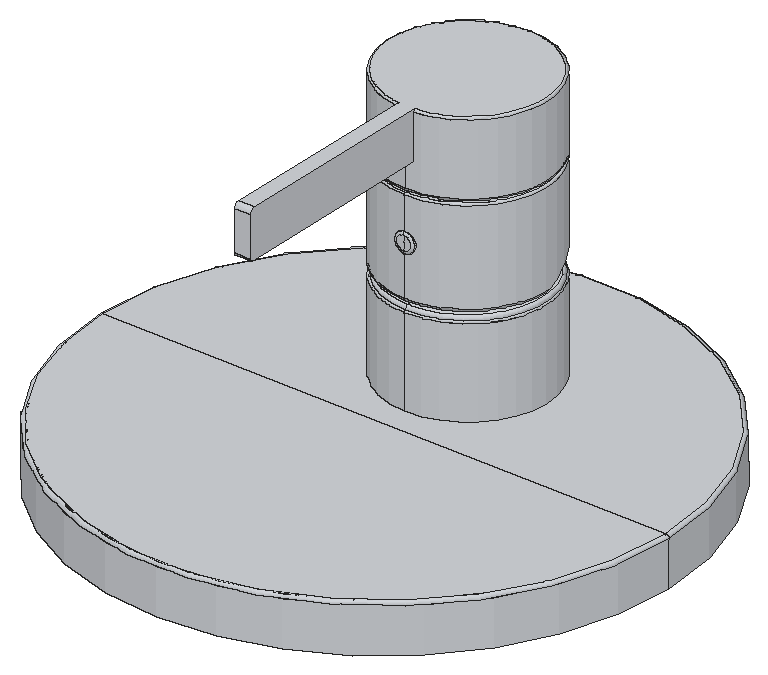
Revit family "Shower-Valve_Trim-KOHLER-STILLNESS-K-7359IN", category Specialty Equipment, host Face, Revit 2017
Family settings
  Host = Face
  Round Connector Dimension = Use Diameter
  Part Type = Normal
  OmniClass Number = 23.31.25.00
  OmniClass Title = Toilet and Bath Specialties
  Cut with Voids When Loaded = No
  Shared = No
  Room Calculation Point = No
Parameters (values of type "CP- Polished chrome")
  Width = 6 31/32"  # constant formula
  WaterSense Certified = 1 = 0  # no
  URL = "https://www.kohler.co.in/"
  Type = 1
  Product Page URL = "https://www.kohler.co.in/product-detail/7359in-4fp?skuid=K-7359IN-4FP-CP"
  Product Name = "STILLNESS"  # constant formula
  Product Documentation Link = "http://resources.kohler.com/plumbing/kohlerindia/pdf/7359_4.pdf"
  Model = if(Type = 1, "K-7359IN-4FP-CP", "NA")  # "K-7359IN-4FP-CP"
  Material = "Metal construction"  # constant formula
  Master Format 2014 Name = "Toilet, Bath, and Laundry Accessories"  # constant formula
  Master Format 2014 = "10 28 00"  # constant formula
  Manufacturer Address = "Ambience Office Tower NH-8 Gurgaon / Gurugram Haryana , 122001\r\n"  # constant formula
  Manufacturer = "KOHLER Co."  # constant formula
  Length = 3 237/256"  # constant formula
  Height = 6 31/32"  # constant formula
  Finish = Kohler-Metal-CP-Polished_Chrome
  Environmental Product Declaration = ""
  Description = "40mm single-control shower-only trim"  # constant formula
  Default Elevation = 42"
  Declare Label = ""
  Date Modified = "10/29/2020"  # constant formula
  Date Created = "10/29/2020"  # constant formula
  Copyright = "Copyright KOHLER Co."  # constant formula
  Contact Us = "https://www.kohler.co.in/contact-us"
  Assembly Code = "C1030200"
  ADA Compliant = 1 = 0  # no
Reference planes (in)
  plane 1 "Center (Front/Back)": y = 0
  plane 2: z = 0
  plane 3 "Center (Left/Right)": x = 0
  plane 4: y = 1.27952
  plane 5: y = -2.16536
  plane 6: y = 0.31496
  plane 7: y = 2.24409
  plane 8: x = -0.96457
  plane 9: x = 0.96457
  plane 10: z = 3.92578
  plane 11: y = 3.48425
  plane 12: y = -3.4845
  plane 13: x = -3.48425
  plane 14: x = 3.4845
Dimensions and locks (in)
  locked: plane 6 to plane 7 at 1.92913
  locked: plane 8 to plane 9 at 1.92913
  locked: plane 4 to plane 5 at 3.44488
  locked: plane 7 to plane 5 at 4.40945
  "Width": plane 13 to plane 14
  "Height": plane 11 to plane 12
  "Length": level to plane 10
  aligned and locked: plane 2 to host face
  aligned and locked: level to host face
  aligned and locked: plane 1 "Center (Front/Back)" to nested 1
  aligned and locked: plane 3 "Center (Left/Right)" to nested 1
  aligned and locked: plane 4 to nested 1
  aligned and locked: plane 5 to nested 1
  aligned and locked: plane 6 to nested 1
  aligned and locked: plane 7 to nested 1
  aligned and locked: plane 8 to nested 1
  aligned and locked: plane 9 to nested 1
  aligned and locked: plane 10 to nested 1
  aligned and locked: plane 11 to nested 1
  aligned and locked: plane 12 to nested 1
  aligned and locked: plane 13 to nested 1
  aligned and locked: plane 14 to nested 1
Automatic sketch dimensions
  host sketch curve to host sketch curve = 96"  (x2)
Nested families (in)
  nested 1: "K-7359IN" at (0, 0, 0.00058), type "K-7359IN"
Definition of nested family "K-7359IN"
  Parameters (values of type "K-7359IN")
    Material = none
  Reference planes (in)
    plane 1 "Center (Front/Back)": y = 0
    plane 2: z = 0
    plane 3 "Center (Left/Right)": x = 0
    plane 4: x = 3.48425
    plane 5: y = 3.48425
    plane 6: y = 1.27952
    plane 7: z = 3.9252
    plane 8: y = -2.16536
    plane 9: y = 0.31496
    plane 10: y = 2.24409
    plane 11: x = -0.96457
    plane 12: x = 0.96457
    plane 13: x = -3.48425
    plane 14: y = -3.48425
  Forms (in)
    Revolve 1, solid, material <- "Material", detail levels medium+fine
      sketch origin (0, 0, 0) x (0, 1, 0) y (0, 0, 1)
        loop
          arc (2.24409, 1.66909) -> (2.23827, 1.68315) -> (2.2242, 1.68898) r 0.01988
          arc (2.2242, 1.68898) -> (2.21792, 1.71891) -> (2.19319, 1.7369) r 0.04258
          line (2.19319, 1.7369) -> (2.14534, 1.74972)
          arc (2.14534, 1.74972) -> (2.10384, 1.77683) -> (2.08645, 1.82323) r 0.07954
          arc (2.08645, 1.82323) -> (2.03229, 2.05704) -> (1.8969, 2.25522) r 0.64943
          line (1.8969, 2.25522) -> (1.27952, 2.25522) -> (1.27952, 0.55291) -> (2.24409, 0.55291) -> (2.24409, 1.66909)
        axis (1.27952, 2.25522) -> (1.27952, 0.55291)
      angle from 0 to 360
    Revolve 2, solid, material <- "Material", detail levels medium+fine
      sketch origin (0, 0, 0) x (0, 1, 0) y (0, 0, 1)
        loop
          line (2.16545, 2.97984) -> (2.16545, 3.01134) -> (2.22047, 3.01134)
          arc (2.22047, 3.01134) -> (2.23717, 3.01826) -> (2.24409, 3.03496) r 0.02362
          line (2.24409, 3.03496) -> (2.24409, 3.9016)
          arc (2.24409, 3.9016) -> (2.23718, 3.91828) -> (2.22049, 3.9252) r 0.0236
          line (2.22049, 3.9252) -> (1.27952, 3.9252) -> (1.27952, 3.01134) -> (1.27952, 1.79468) -> (2.21259, 1.79468)
          arc (2.21259, 1.79468) -> (2.23486, 1.8039) -> (2.24409, 1.82617) r 0.0315
          line (2.24409, 1.82617) -> (2.24409, 2.95819)
          arc (2.24409, 2.95819) -> (2.23775, 2.9735) -> (2.22244, 2.97984) r 0.02165
          line (2.22244, 2.97984) -> (2.16545, 2.97984)
        axis (1.27952, 3.9252) -> (1.27952, 1.79468)
      angle from 0 to 360
    Extrusion 3, void
      sketch origin (0, 0, 0) x (0, 1, 0) y (0, 0, 1)
        loop
          line (1.21325, 1.76865) -> (2.26747, 1.76865) -> (2.26747, 2.20906) -> (1.21325, 1.76865)
      from -1.9685 to 1.9685
    Extrusion 4, solid, material <- "Material", detail levels medium+fine
      sketch origin (0, 0, 0) x (0, 1, 0) y (0, 0, 1)
        loop
          arc (-2.1063, 3.9252) -> (-2.14806, 3.9079) -> (-2.16536, 3.86614) r 0.05906
          line (-2.16536, 3.86614) -> (-2.16536, 3.37763)
          arc (-2.16536, 3.37763) -> (-2.15844, 3.36093) -> (-2.14174, 3.35401) r 0.02362
          line (-2.14174, 3.35401) -> (0.59055, 3.35401) -> (0.59055, 3.9252) -> (-2.1063, 3.9252)
      from -0.09843 to 0.09843
    Revolve 5, solid, material <- "Material", detail levels medium+fine
      sketch origin (0, 0, 0) x (0, 1, 0) y (0, 0, 1)
        loop
          line (0.29707, 2.43984) -> (0.35848, 2.43984) -> (0.35848, 2.56167)
          arc (0.35848, 2.56167) -> (0.33657, 2.5676) -> (0.31493, 2.56077) r 0.04033
          arc (0.31493, 2.56077) -> (0.30181, 2.54626) -> (0.29707, 2.52728) r 0.04033
          line (0.29707, 2.52728) -> (0.29707, 2.43984)
        axis (0.29707, 2.43984) -> (0.35848, 2.43984)
      angle from 0 to 360
    Revolve 6, solid, material <- "Material", detail levels coarse
      sketch origin (0, 0, 0) x (0, 1, 0) y (0, 0, 1)
        loop
          line (2.24409, 3.9252) -> (1.27952, 3.9252) -> (1.27952, 0.52957) -> (2.24409, 0.52957) -> (2.24409, 1.66909) -> (2.12618, 1.66909) -> (2.12618, 1.82338) -> (2.24409, 1.82338) -> (2.24409, 3.9252)
        axis (1.27952, 0.52957) -> (1.27952, 3.9252)
      angle from 0 to 360
    Extrusion 7, solid, material <- "Material", detail levels coarse
      sketch origin (0, 0, 0) x (0, 1, 0) y (0, 0, 1)
        loop
          line (-2.16536, 3.9252) -> (-2.16536, 3.35401) -> (0.66025, 3.35401) -> (0.66025, 3.9252) -> (-2.16536, 3.9252)
      from -0.09843 to 0.09843
    Revolve 8, solid, material <- "Material", detail levels medium+fine
      sketch origin (0, 0, 0) x (1, 0, 0) y (0, 0, 1)
        loop
          line (0, 0.59055) -> (-3.44488, 0.59055)
          arc (-3.44488, 0.59055) -> (-3.47272, 0.57902) -> (-3.48425, 0.55118) r 0.03937
          line (-3.48425, 0.55118) -> (-3.48425, 0) -> (0, 0) -> (0, 0.59055)
        axis (0, 0.59055) -> (0, 0)
      angle from 0 to 360
    Extrusion 9, solid, material <- "Material", detail levels coarse
      sketch origin (0, 0, 0) x (1, 0, 0) y (0, 1, 0)
        loop
          circle (0, 0) r 3.48425
      from 0 to 0.59055
  Cuts and joins
    Extrusion 3 cuts Revolve 2
    joined: Revolve 1, Revolve 2, Extrusion 4, Revolve 5, Revolve 8
    joined: Revolve 6, Extrusion 7, Extrusion 9
  Lines and regions (in)
    Masking region 1
      outline origin (0, 0, 0) x (1, 0, 0) y (0, 0, 1)
        loop
          arc (0.96457, 1.66909) -> (0.95874, 1.68315) -> (0.94468, 1.68898) r 0.01988
          arc (0.94468, 1.68898) -> (0.9384, 1.71891) -> (0.91367, 1.7369) r 0.04258
          line (0.91367, 1.7369) -> (0.86582, 1.74972)
          arc (0.86582, 1.74972) -> (0.83455, 1.76624) -> (0.81353, 1.79468) r 0.07954
          line (0.81353, 1.79468) -> (0.93307, 1.79468)
          arc (0.93307, 1.79468) -> (0.95534, 1.8039) -> (0.96457, 1.82617) r 0.0315
          line (0.96457, 1.82617) -> (0.96457, 2.95819)
          arc (0.96457, 2.95819) -> (0.95822, 2.9735) -> (0.94291, 2.97984) r 0.02165
          line (0.94291, 2.97984) -> (0.88593, 2.97984) -> (0.88593, 3.01134) -> (0.94094, 3.01134)
          arc (0.94094, 3.01134) -> (0.95765, 3.01826) -> (0.96457, 3.03496) r 0.02362
          line (0.96457, 3.03496) -> (0.96457, 3.9016)
          arc (0.96457, 3.9016) -> (0.95765, 3.91828) -> (0.94097, 3.9252) r 0.0236
          line (0.94097, 3.9252) -> (0, 3.9252) -> (-0.94097, 3.9252)
          arc (-0.94097, 3.9252) -> (-0.95765, 3.91828) -> (-0.96457, 3.9016) r 0.0236
          line (-0.96457, 3.9016) -> (-0.96457, 3.03496)
          arc (-0.96457, 3.03496) -> (-0.95765, 3.01826) -> (-0.94094, 3.01134) r 0.02362
          line (-0.94094, 3.01134) -> (-0.88593, 3.01134) -> (-0.88593, 2.97984) -> (-0.94291, 2.97984)
          arc (-0.94291, 2.97984) -> (-0.95822, 2.9735) -> (-0.96457, 2.95819) r 0.02165
          line (-0.96457, 2.95819) -> (-0.96457, 1.82617)
          arc (-0.96457, 1.82617) -> (-0.95534, 1.8039) -> (-0.93307, 1.79468) r 0.0315
          line (-0.93307, 1.79468) -> (-0.81353, 1.79468)
          arc (-0.81353, 1.79468) -> (-0.83455, 1.76624) -> (-0.86582, 1.74972) r 0.07954
          line (-0.86582, 1.74972) -> (-0.91367, 1.7369)
          arc (-0.91367, 1.7369) -> (-0.9384, 1.71891) -> (-0.94468, 1.68898) r 0.04258
          arc (-0.94468, 1.68898) -> (-0.95874, 1.68315) -> (-0.96457, 1.66909) r 0.01988
          line (-0.96457, 1.66909) -> (-0.96457, 0.59055) -> (-3.44488, 0.59055)
          arc (-3.44488, 0.59055) -> (-3.47272, 0.57902) -> (-3.48425, 0.55118) r 0.03937
          line (-3.48425, 0.55118) -> (-3.48425, 0) -> (3.48425, 0) -> (3.48425, 0.55118)
          arc (3.48425, 0.55118) -> (3.47272, 0.57902) -> (3.44488, 0.59055) r 0.03937
          line (3.44488, 0.59055) -> (0.96457, 0.59055) -> (0.96457, 1.66909)
    Masking region 2
      outline origin (0, 0, 0) x (0, 1, 0) y (0, 0, 1)
        loop
          line (2.16545, 2.97984) -> (2.16545, 3.01134) -> (2.22047, 3.01134)
          arc (2.22047, 3.01134) -> (2.23717, 3.01826) -> (2.24409, 3.03496) r 0.02362
          line (2.24409, 3.03496) -> (2.24409, 3.9016)
          arc (2.24409, 3.9016) -> (2.23718, 3.91828) -> (2.22049, 3.9252) r 0.0236
          line (2.22049, 3.9252) -> (-2.1063, 3.9252)
          arc (-2.1063, 3.9252) -> (-2.14806, 3.9079) -> (-2.16536, 3.86614) r 0.05906
          line (-2.16536, 3.86614) -> (-2.16536, 3.37763)
          arc (-2.16536, 3.37763) -> (-2.15844, 3.36093) -> (-2.14174, 3.35401) r 0.02362
          line (-2.14174, 3.35401) -> (0.21653, 3.35401)
          arc (0.21653, 3.35401) -> (0.28613, 3.32518) -> (0.31496, 3.25558) r 0.09843
          line (0.31496, 3.25558) -> (0.31496, 3.03496)
          arc (0.31496, 3.03496) -> (0.32187, 3.01826) -> (0.33858, 3.01134) r 0.02362
          line (0.33858, 3.01134) -> (0.39359, 3.01134) -> (0.39359, 2.97984) -> (0.33661, 2.97984)
          arc (0.33661, 2.97984) -> (0.3213, 2.9735) -> (0.31496, 2.95819) r 0.02165
          line (0.31496, 2.95819) -> (0.31496, 2.5608)
          arc (0.31496, 2.5608) -> (0.30183, 2.54641) -> (0.29707, 2.52752) r 0.03989
          line (0.29707, 2.52752) -> (0.29707, 2.3524)
          arc (0.29707, 2.3524) -> (0.30182, 2.33341) -> (0.31496, 2.3189) r 0.04033
          line (0.31496, 2.3189) -> (0.31496, 1.82617)
          arc (0.31496, 1.82617) -> (0.32418, 1.8039) -> (0.34645, 1.79468) r 0.0315
          line (0.34645, 1.79468) -> (0.46599, 1.79468)
          arc (0.46599, 1.79468) -> (0.44497, 1.76624) -> (0.41371, 1.74972) r 0.07954
          line (0.41371, 1.74972) -> (0.36585, 1.7369)
          arc (0.36585, 1.7369) -> (0.34112, 1.71891) -> (0.33484, 1.68898) r 0.04258
          arc (0.33484, 1.68898) -> (0.32078, 1.68315) -> (0.31496, 1.66909) r 0.01988
          line (0.31496, 1.66909) -> (0.31496, 0.59055) -> (-3.44488, 0.59055)
          arc (-3.44488, 0.59055) -> (-3.47272, 0.57902) -> (-3.48425, 0.55118) r 0.03937
          line (-3.48425, 0.55118) -> (-3.48425, 0) -> (3.48425, 0) -> (3.48425, 0.55118)
          arc (3.48425, 0.55118) -> (3.47272, 0.57902) -> (3.44488, 0.59055) r 0.03937
          line (3.44488, 0.59055) -> (2.24409, 0.59055) -> (2.24409, 1.66909)
          arc (2.24409, 1.66909) -> (2.23827, 1.68315) -> (2.2242, 1.68898) r 0.01988
          arc (2.2242, 1.68898) -> (2.21792, 1.71891) -> (2.19319, 1.7369) r 0.04258
          line (2.19319, 1.7369) -> (2.14534, 1.74972)
          arc (2.14534, 1.74972) -> (2.10284, 1.7781) -> (2.08638, 1.82647) r 0.07954
          arc (2.08638, 1.82647) -> (2.06686, 1.96917) -> (2.01, 2.1015) r 0.53537
          line (2.01, 2.1015) -> (2.22473, 2.1912)
          arc (2.22473, 2.1912) -> (2.23881, 2.20281) -> (2.24409, 2.22026) r 0.0315
          line (2.24409, 2.22026) -> (2.24409, 2.95819)
          arc (2.24409, 2.95819) -> (2.23775, 2.9735) -> (2.22244, 2.97984) r 0.02165
          line (2.22244, 2.97984) -> (2.16545, 2.97984)
    Masking region 3
      outline origin (0, 0, 0) x (1, 0, 0) y (0, 1, 0)
        loop
          circle (0, 0) r 3.48425
    symbolic lines, detail levels medium+fine
      curve 1: line (0.09843, -2.13386, 0) -> (0.09843, 0.25137, 0)
      curve 2: line (-0.09843, 0.25137, 0) -> (-0.09843, -2.13386, 0)
      curve 3: line (-0.06693, -2.16536, 0) -> (0.06693, -2.16536, 0)
      curve 4: arc (0.16379, 0.32896, 0) -> (0, 2.24409, 0) -> (-0.16379, 0.32896, 0) r 0.96457
      curve 5: arc (-0.16379, 0.32896, 0) -> (-0.11695, 0.3021, 0) -> (-0.09843, 0.25137, 0) r 0.07874
      curve 6: arc (0.09843, 0.25137, 0) -> (0.11695, 0.3021, 0) -> (0.16379, 0.32896, 0) r 0.07874
      curve 7: arc (-0.09843, -2.13386, 0) -> (-0.0892, -2.15613, 0) -> (-0.06693, -2.16536, 0) r 0.0315
      curve 8: arc (0.06693, -2.16536, 0) -> (0.0892, -2.15613, 0) -> (0.09843, -2.13386, 0) r 0.0315
      curve 9: line (0.88593, 0, 3.01134) -> (-0.88593, 0, 3.01134)
      curve 10: line (0.88593, 0, 2.97984) -> (-0.88572, 0, 2.97984)
      curve 11: line (0.94468, 0, 1.68898) -> (-0.94468, 0, 1.68898)
      curve 12: spline (0.81353, 0, 1.79468) -> (0.78581, 0, 1.87452) -> (0.70454, 0, 1.94893) -> (0.57525, 0, 2.01282) -> (0.40676, 0, 2.06185) -> (0.21056, 0, 2.09266) -> (0, 0, 2.10318) -> (-0.21056, 0, 2.09266) -> (-0.40676, 0, 2.06185) -> (-0.57525, 0, 2.01282) -> (-0.70454, 0, 1.94893) -> (-0.78581, 0, 1.87452) -> (-0.81353, 0, 1.79468)
      curve 13: line (0, 2.2242, 1.68898) -> (0, 0.33484, 1.68898)
      curve 14: line (0, 2.01, 2.1015) -> (0, 1.28209, 1.79741)
      curve 15: line (0, 0.46599, 1.79468) -> (0, 1.26843, 1.79468)
      curve 16: arc (0, 1.28209, 1.79741) -> (0, 1.2754, 1.79537) -> (0, 1.26843, 1.79468) r 0.03543
      curve 17: arc (0, 0.31496, 2.56079) -> (0, 0.32612, 2.43984) -> (0, 0.31496, 2.3189) r 0.66054
      curve 18: line (0, 2.16545, 2.97984) -> (0, 0.39359, 2.97984)
      curve 19: line (0, 2.16545, 3.01134) -> (0, 0.39359, 3.01134)
      curve 20: spline (0.96457, 0, 1.82656) -> (0.93147, 0, 1.92359) -> (0.83496, 0, 2.01399) -> (0.68161, 0, 2.09161) -> (0.48185, 0, 2.15115) -> (0.24929, 0, 2.18857) -> (-0.00025, 0, 2.20131) -> (-0.24977, 0, 2.18852) -> (-0.48228, 0, 2.15105) -> (-0.68196, 0, 2.09147) -> (-0.83521, 0, 2.01383) -> (-0.9316, 0, 1.92341) -> (-0.96457, 0, 1.82637)
      curve 21: arc (3.44488, 0, 0) -> (0, 3.44488, 0) -> (-3.44488, 0, 0) r 3.44488
      curve 22: arc (-3.44488, 0, 0) -> (0, -3.44488, 0) -> (3.44488, 0, 0) r 3.44488
      curve 23: line (0.96457, 0, 0.59055) -> (-0.96457, 0, 0.59055)
      curve 24: line (3.48425, 0, 0.55118) -> (-3.48425, 0, 0.55118)
      curve 25: line (0, 2.24409, 0.59055) -> (0, 0.31496, 0.59055)
      curve 26: line (0, 3.48425, 0.55118) -> (0, -3.48425, 0.55118)
      curve 27: line (0, 0.31496, 3.25558) -> (0, 0.31496, 3.9252)
  Dimensions and locks (in)
    plane 7 to level = 3.9252"
    plane 8 to plane 10 = 4.40945"
    plane 9 to plane 10 = 1.92913"
    plane 8 to plane 6 = 3.44488"
    plane 13 to plane 4 = 6.9685"
    aligned and locked: plane 2 to level
